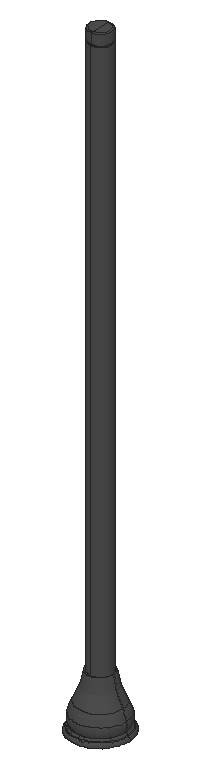
Revit family "Reece_Shower_Milli_Monument Edit_Shower Arm_Ceiling_600mm", category Plumbing Fixtures, host Face, Revit 2018
Family settings
  Host = Face
  Round Connector Dimension = Use Diameter
  Part Type = Normal
  Cut with Voids When Loaded = No
  Shared = Yes
  Room Calculation Point = Yes
Parameters (values of type "Matte Black")
  WFU = 0  # constant formula
  URL = "https://www.reece.com.au/product/-4204485"
  Type Comments = "Shower"
  Reece_Shower_Inlet = 12 mm  # constant formula
  Reece_Product_Web Page = "https://www.reece.com.au/product/-4204485"
  Reece_Product_Type = "Shower"  # constant formula
  Reece_Product_Sub Brand = "Monument Edit"  # constant formula
  Reece_Product_Number = "4204485"
  Reece_Product_Mount = "Ceiling Mounted"
  Reece_Product_Description = "Milli Monument Edit Ceiling Shower Arm 600mm Matte Black"
  Reece_Product_Brand = "Milli"  # constant formula
  Reece_Overall_Width = 56 mm  # constant formula
  Reece_Overall_Height = 600 mm  # constant formula
  Reece_Material_Main = Reece_Brass_Matte Black
  Reece_Detail_Disclaimer = "THIS FILE IS THE PROPERTY OF THE REECE GROUP. IT MAY NOT BE REPRODUCED, REVERSE-ENGINEERED, OR MODIFIED. ANY REPUBLICATION, TRANSMISSION, OR DISTRIBUTION FOR THE PURPOSE OF COMMERCIALLY EXPLOITING THE FILES IS PROHIBITED."  # constant formula
  Reece_Detail_Additional = "Ceiling"  # constant formula
  Model = "Monument Edit"
  Manufacturer = "Milli"
  Keynote = "Product #4204485, Reece_Shower_Milli_Monument Edit_Shower Arm_Ceiling_600mm - Matte Black"
  HWFU = 0  # constant formula
  Disclaimer = "THIS FILE IS THE PROPERTY OF THE REECE GROUP. IT MAY NOT BE REPRODUCED, REVERSE-ENGINEERED, OR MODIFIED. ANY REPUBLICATION, TRANSMISSION, OR DISTRIBUTION FOR THE PURPOSE OF COMMERCIALLY EXPLOITING THE FILES IS PROHIBITED."  # constant formula
  Description = "Milli Monument Edit Ceiling Shower Arm 600mm Matte Black"
  Default Elevation = 0 mm  # constant formula
  CWFU = 0  # constant formula
Types (5, lengths in mm): name | URL | Reece_Product_Web Page | Reece_Product_Number | Reece_Product_Description | Reece_Material_Main | Keynote | Description
  Brushed Gunmetal | "https://www.reece.com.au/product/-4204513" | "https://www.reece.com.au/product/-4204513" | "4204513" | "Milli Monument Edit Ceiling Shower Arm 600mm Brushed Gunmetal" | Reece_Brass_Brushed Gunmetal | "Product #4204513, Reece_Shower_Milli_Monument Edit_Shower Arm_Ceiling_600mm - Brushed Gunmetal" | "Milli Monument Edit Ceiling Shower Arm 600mm Brushed Gunmetal"
  Brushed Nickel | "https://www.reece.com.au/product/-4204499" | "https://www.reece.com.au/product/-4204499" | "4204499" | "Milli Monument Edit Ceiling Shower Arm 600mm Brushed Nickel" | Reece_Brass_Brushed Nickel | "Product #4204499, Reece_Shower_Milli_Monument Edit_Shower Arm_Ceiling_600mm - Brushed Nickel" | "Milli Monument Edit Ceiling Shower Arm 600mm Brushed Nickel"
  Chrome | "https://www.reece.com.au/product/-4204457" | "https://www.reece.com.au/product/-4204457" | "4204457" | "Milli Monument Edit Ceiling Shower Arm 600mm Chrome" | Reece_Brass_Chrome | "Product #4204457, Reece_Shower_Milli_Monument Edit_Shower Arm_Ceiling_600mm - Chrome" | "Milli Monument Edit Ceiling Shower Arm 600mm Chrome"
  Matte Black | "https://www.reece.com.au/product/-4204485" | "https://www.reece.com.au/product/-4204485" | "4204485" | "Milli Monument Edit Ceiling Shower Arm 600mm Matte Black" | Reece_Brass_Matte Black | "Product #4204485, Reece_Shower_Milli_Monument Edit_Shower Arm_Ceiling_600mm - Matte Black" | "Milli Monument Edit Ceiling Shower Arm 600mm Matte Black"
  Brushed Gold | "https://www.reece.com.au/product/-2266293" | "https://www.reece.com.au/product/-2266293" | "2266293" | "Milli Monument Edit Ceiling Shower Dropper 600mm Brushed Gold" | Reece_Brass_Brushed Gold | "Product #2266293, Reece_Shower_Milli_Monument Edit_Shower Arm_Ceiling_600mm - Brushed Gold" | "Milli Monument Edit Ceiling Shower Dropper 600mm Brushed Gold"
Reference planes
  plane 1 "Center (Front/Back)": y = 0
  plane 2: z = 0
  plane 3 "Center (Left/Right)": x = 0
  plane 4: z = 600
  plane 5: x = 28
  plane 6: x = -28
  plane 7: z = 588
Forms (mm)
  Sweep 1, solid, material "Reece_Brass_Matte Black" <- "Reece_Material_Main"
    path origin (0, 0, 0) x (0, 1, 0) y (0, 0, 1)
      loop
        line (0, 51.282) -> (0, 588)
    profile origin (0, 0, 51.282) x (0, -1, 0) y (1, 0, 0)
      loop
        circle (0, 0) r 11
  Revolve 2, solid, material "Reece_Brass_Matte Black" <- "Reece_Material_Main"
    sketch origin (0, 71.186, -26.767) x (0, 1, 0) y (0, 0, 1)
      loop
        line (-71.186, 626.767) -> (-71.186, 614.767) -> (-61.686, 614.767) -> (-61.686, 616.267) -> (-60.686, 616.267) -> (-60.686, 625.767) -> (-61.686, 626.767) -> (-71.186, 626.767)
      axis (-71.186, 626.767) -> (-71.186, 614.767)
    angle from 0 to 360
  Revolve 3, solid, material "Reece_Brass_Matte Black" <- "Reece_Material_Main"
    sketch origin (0, 0, 0) x (1, 0, 0) y (0, 0, 1)
      loop
        line (12.602, 51.278) -> (0, 51.278) -> (0, 0) -> (28, 0)
        arc (28, 0) -> (27.653, 1.91) -> (26.374, 3.371) r 3.646
        arc (26.374, 3.371) -> (25.99, 3.542) -> (25.773, 3.902) r 0.699
        arc (25.773, 3.902) -> (25.235, 5.048) -> (24.441, 6.034) r 5.289
        line (24.441, 6.034) -> (23.642, 6.034)
        arc (23.642, 6.034) -> (25.043, 10.679) -> (24.794, 15.524) r 14.159
        arc (24.794, 15.524) -> (23.281, 20.495) -> (21.07, 25.197) r 36.123
        arc (21.07, 25.197) -> (15.543, 37.818) -> (12.602, 51.278) r 69.857
      axis (0, 51.278) -> (0, 0)
    angle from 0 to 360
Cuts and joins
  joined: Sweep 1, Revolve 2, Revolve 3
Text (mm)
  text "Reece Copyright © 2018, Reece Ltd." at (-260.256, -149.578, 0), in view "Ref. Level"
  text "Reece ©" at (407.825, -790.706, 483.677), in view "Reece_Preview"
  text "Reece Copyright © 2018, Reece Ltd." at (-258.854, -19.522, 0), in view "Ref. Level"
Dimensions and locks
  "Reece_Overall_Height": plane 4 to plane 2
  "Reece_Overall_Width": plane 6 to plane 5
  equal spacing: plane 5, plane 3 "Center (Left/Right)", plane 6
  plane 4 to plane 7 = 12 mm
  locked: plane 4 to plane 7 at 12
  aligned and locked: host face to plane 2
  aligned and locked: level to host face
  aligned and locked: Sweep 1 sketch curve to plane 1 "Center (Front/Back)"
  aligned and locked: plane 7 to Revolve 2 sketch curve
  aligned and locked: plane 4 to Revolve 2 sketch curve
Automatic sketch dimensions
  host sketch curve to host sketch curve = 246.061 mm
  host sketch curve to host sketch curve = 257.247 mm
  Sweep 1 sketch curve to plane 3 "Center (Left/Right)" = 0 mm
  Sweep 1 sketch curve to profile plane = 0 mm
  Revolve 2 sketch curve to plane 1 "Center (Front/Back)" = 0 mm  (x2)
  Revolve 2 sketch curve to plane 1 "Center (Front/Back)" = 9.5 mm
  Revolve 2 sketch curve to Revolve 2 sketch curve = 0 mm
  Revolve 2 sketch curve to Revolve 2 sketch curve = 1 mm  (x2)
  Revolve 2 sketch curve to Revolve 2 sketch curve = 9.5 mm
  Revolve 2 sketch curve to Revolve 2 sketch curve = 124.95 mm
  Revolve 2 sketch curve to Revolve 2 sketch curve = 160.641 mm
  Sweep 1 sketch curve to plane 7 = 0 mm
  level to Sweep 1 sketch curve = 51.282 mm
  Revolve 3 sketch curve to plane 3 "Center (Left/Right)" = 0 mm  (x2)
  Revolve 3 sketch curve to level = 0 mm
  plane 5 to Revolve 3 sketch curve = 0 mm
  Revolve 3 sketch curve to plane 3 "Center (Left/Right)" = 10.43 mm
  plane 3 "Center (Left/Right)" to Revolve 3 sketch curve = 10.988 mm
  plane 3 "Center (Left/Right)" to Revolve 3 sketch curve = 12.602 mm
  level to Revolve 3 sketch curve = 2.245 mm
  plane 5 to Revolve 3 sketch curve = 4.358 mm
  level to Revolve 3 sketch curve = 0.326 mm
  plane 5 to Revolve 3 sketch curve = 3.631 mm
  plane 5 to Revolve 3 sketch curve = 1.548 mm
  Revolve 3 sketch curve to plane 5 = 53.986 mm
  level to Revolve 3 sketch curve = 4.066 mm
  Revolve 3 sketch curve to Revolve 3 sketch curve = 1.968 mm
  level to Revolve 3 sketch curve = 7.515 mm
  level to Revolve 3 sketch curve = 12.385 mm
  Revolve 3 sketch curve to Revolve 3 sketch curve = 35.754 mm
  level to Revolve 3 sketch curve = 59.391 mm
  Revolve 3 sketch curve to Revolve 3 sketch curve = 0 mm
  Revolve 3 sketch curve to Revolve 3 sketch curve = 0.799 mm
  Revolve 3 sketch curve to Revolve 3 sketch curve = 0.68 mm
  Revolve 3 sketch curve to Revolve 3 sketch curve = 0.078 mm
  Revolve 3 sketch curve to Revolve 3 sketch curve = 32.665 mm
  Revolve 3 sketch curve to Revolve 3 sketch curve = 6.053 mm
  radius of Sweep 1 sketch curve = 11 mm
Connectors
  piping at (0, 0, 0), diameter 12, driven by "Reece_Shower_Inlet"
    settings: on Revolve 3, index 1, connector inside diameter 609.6 mm, connector length 0 mm, flow factor 0, pipe flow 0.0 L/s, pressure drop 0.0 Pa, fitting loss kfactor 0, connector angle 0.00°, fixture units 0, engagement length 0 mm, angle of deflection 0.00°, flow configuration 0, flow direction 1, fitting loss method 0, system type 29, joint type 0, gender type 0, connector reference index -1, connector utility 0, adjustable connector no, is connector primary yes, connector description ""
